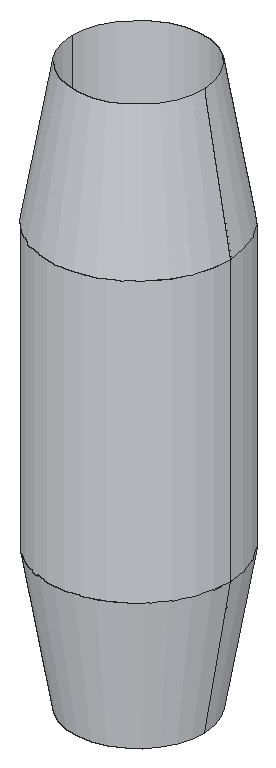
Revit family "Соединительная_муфта", category Устройства связи, Revit 2021
Family settings
  Сохранять ориентацию аннотаций = Нет
  Размер круглого соединителя = Использовать диаметр
  Тип детали = Нормальный
  На основе рабочей плоскости = Да
  Всегда вертикально = Нет
  При загрузке вырезать с полостями = Нет
  Общий = Да
  Точка принадлежности помещению = Нет
Parameters (values of type "Соединительная муфта")
  Ширина_центра [instance] = Ширина_муфты * 0.5  # 47.5 mm
  Ширина_муфты [instance] = 75 mm + Диаметр_внутренний  # 95 mm
  Ридиус_внешний [instance] = Радиус_внутрений * 1.2 + 2 mm  # 15.2 mm
  Радиус_внутрений [instance] = Диаметр_внутренний / 2 + 1 mm  # 11 mm
  Default Elevation = 1219.2 mm
  Диаметр_внутренний [instance] = 20 mm
Reference planes
  plane 1 "По центру (Вперед/Назад)": y = 0
  plane 2: z = -20
  plane 3 "По центру (Влево/Вправо)": x = 0
  plane 4: z = 27.5
  plane 5: z = -67.5
  plane 6: z = 3.75
  plane 7: z = -43.75
  plane 8: x = -15.2
  plane 9: x = -11
Forms (mm)
  Revolve 1, solid
    sketch origin (-20, 0, -1428.495) x (0, 0, 1) y (-1, 0, 0)
      loop
        line (1455.995, -9) -> (1432.245, -4.8) -> (1384.745, -4.8) -> (1360.995, -9) -> (1455.995, -9)
      axis (1455.995, -20) -> (1360.995, -20)
    angle from 0 to 360
Dimensions and locks
  equal spacing: plane 4, plane 2, plane 5
  equal spacing: plane 6, plane 2, plane 7
  "Ширина_центра": plane 6 to plane 7
  "Ширина_муфты": plane 4 to plane 5
  "Ридиус_внешний": plane 3 "По центру (Влево/Вправо)" to plane 8
  "Радиус_внутрений": plane 3 "По центру (Влево/Вправо)" to plane 9
  aligned and locked: level to plane 2
  aligned and locked: Revolve 1 sketch curve to plane 3 "По центру (Влево/Вправо)"
  aligned and locked: plane 4 to Revolve 1 sketch curve
  aligned and locked: plane 9 to Revolve 1 sketch curve  (x2)
  aligned and locked: plane 8 to Revolve 1 sketch curve  (x2)
  aligned and locked: plane 6 to Revolve 1 sketch curve
  aligned and locked: plane 7 to Revolve 1 sketch curve
  aligned and locked: plane 5 to Revolve 1 sketch curve
Automatic sketch dimensions
  Revolve 1 sketch curve to plane 3 "По центру (Влево/Вправо)" = 0 mm
  Revolve 1 sketch curve to plane 5 = 0.249 mm
  plane 4 to Revolve 1 sketch curve = 0.249 mm
